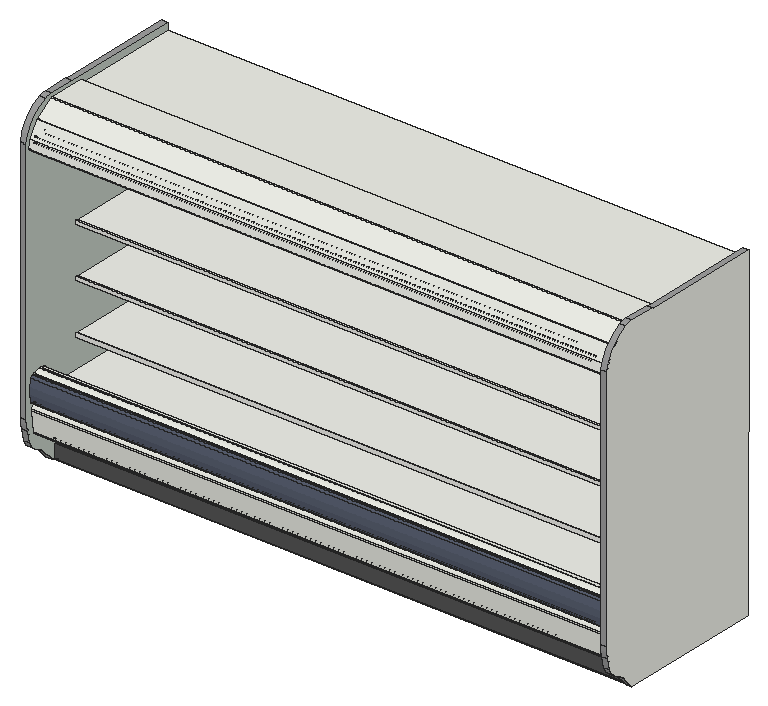
Revit family "ID5SM-R_2014", category Specialty Equipment, Revit 2014
Parameters (values of type "12'-0" Length")
  Width = 144 3/8"
  Waste Drain = 1 1/4"  # constant formula
  URL = "www.hussmann.com"
  Type Comments = "Insight"  # constant formula
  Trim = Stainless Steel
  Total Weight = Case Weight + (2 * End Weight)  # 1950.00 lbf
  Supports = yes
  Splashguard = Textured Sheet Metal (Steel Painted) - 701 Black
  Side Panel - Right [instance] = yes
  Side Panel - Left [instance] = yes
  Shelves = Sheet Metal (Steel Painted) - 700 Interior White
  Shelf Lights [instance] = yes
  Revit Family Date = "06/16/2017"  # constant formula
  Refrigeration Lines Suction = 7/8"  # constant formula
  Refrigeration Lines Liquid = 3/8"  # constant formula
  Refrig. Suction = ""
  Refrig. Liquid = ""
  Number of Supports = if(Width < 90", 2, if(Width < 140", 3, 4))  # 4
  Number of Shelves = 4  # constant formula
  Note from Manufacturer = "This model only comes in 4'-0\", 6'-0\", 8'-0\", and 12'-0\" lengths."
  Model URL = "http://www.hussmann.com/en/product%20viewer/display-cases/ID5SL-R,%20ID5SM-R"
  Model = "ID5SM-R"  # constant formula
  Manufacturer Disclaimer = "The information in this file is not intended to be an exact representation of the corresponding Hussmann product.  Further, we reserve the right to change or revise specifications and product design in connection with any feature of our products. Such changes do not entitle the buyer to corresponding changes, improvements, additions, or replacements for equipment previously sold or shipped."  # constant formula
  Manufacturer = "Hussmann Corporation"  # constant formula
  Height = 84 5/8"  # constant formula
  Glazing = Glass
  Ends = Textured Sheet Metal (Steel Painted) - 149 White Satin Matte
  End Weight = 100.00 lbf  # constant formula
  Description = "Dairy, 5-Deck, Standard Front-to-Back Depth, Medium Front, Rear Sliding Doors​"  # constant formula
  Depth = 43 5/8"  # constant formula
  Cutsheet URL = "http://www.hussmann.com/en/Technical%20Documents/3008889_E_ID5SM-R.pdf"
  Close Off Panel = Textured Sheet Metal (Steel Painted) - 701 Black
  Case Weight = if(Width = 48 1/8", 650.00 lbf, if(Width = 72 1/4", 1050.00 lbf, if(Width = 96 1/4", 1300.00 lbf, if(Width = 144 3/8", 1750.00 lbf, 0.00 lbf))))  # 1750.00 lbf
  Case Interior - Side Panel = Mirror
  Case Interior - Back Panel = Sheet Metal (Steel Painted) - 700 Interior White
  Case = Textured Sheet Metal (Steel Painted) - 149 White Satin Matte
  Bumper = Extruded PVC - 739 Royal Blue
  Assembly Code = ""
  Accessories/Options = ""
  8 Case = Width = 96 1/4"  # no
  6 Case = Width = 72 1/4"  # no
  4 Case = Width = 48 1/4"  # no
  12 Case = Width = 144 3/8"  # yes
Reference planes (in)
  plane 1 "Back": y = 0
  plane 2 "Bottom": z = 0
  plane 3 "Left": x = -76.43199
  plane 4 "Center (Left/Right)": x = -4.24449
  plane 5: x = -77.93199
  plane 6 "Right": x = 67.94301
  plane 7 "Front": y = -43.625
  plane 8: x = 69.44301
  plane 9 "Top": z = 84.625
  plane 10: z = 64
  plane 11: z = 26
Forms (in)
  Extrusion 1, solid, material "Metal - Copper"
    sketch origin (59.45919, 5.54698, -0.375) x (1, 0, 0) y (0, 1, 0)
      loop
        circle (-0.10869, -34.28498) r 0.41359
      loop
        arc (-0.10869, -33.84748) -> (-0.41805, -34.59434) -> (0.32881, -34.28498) r 0.4375
        arc (0.32881, -34.28498) -> (0.20067, -33.97562) -> (-0.10869, -33.84748) r 0.4375
    from 6.21181 to 0.375
  Extrusion 2, solid, material "Metal - Copper"
    sketch origin (59.43201, 5.54735, -0.375) x (1, 0, 0) y (0, 1, 0)
      loop
        circle (0.30443, -34.28498) r 0.17188
      loop
        circle (0.30443, -34.28498) r 0.1875
    from 6.21181 to 0.375
  Extrusion 3, solid, material "Metal - Copper"
    sketch origin (12.3125, -1.83181, 0) x (1, 0, 0) y (0, 1, 0)
      loop
        arc (-16.55699, -31.0447) -> (-16.99893, -31.22776) -> (-17.18199, -31.6697) r 0.625
        arc (-17.18199, -31.6697) -> (-16.99893, -32.11164) -> (-16.55699, -32.2947) r 0.625
        arc (-16.55699, -32.2947) -> (-16.11504, -32.11164) -> (-15.93199, -31.6697) r 0.625
        arc (-15.93199, -31.6697) -> (-16.11504, -31.22776) -> (-16.55699, -31.0447) r 0.625
      loop
        circle (-16.55699, -31.6697) r 0.5852
    from 5.83681 to 0
  Extrusion 4, solid, material "Textured Sheet Metal (Steel Painted) - 149 White Satin Matte" <- "Case"
    sketch origin (-76.43199, -0.00002, -1.93905) x (0, 1, 0) y (0, 0, 1)
      loop
        arc (-41.20096, 81.42866) -> (-41.14629, 81.48342) -> (-41.07304, 81.50835) r 0.17034
        arc (-41.07304, 81.50835) -> (-41.04113, 81.50929) -> (-41.0094, 81.50579) r 0.22973
        arc (-41.0094, 81.50579) -> (-41.0025, 81.52418) -> (-40.98874, 81.53818) r 0.04731
        line (-40.98874, 81.53818) -> (-36.69337, 84.38291)
        arc (-36.69337, 84.38291) -> (-36.56329, 84.44394) -> (-36.42115, 84.46488) r 0.49301
        line (-36.42115, 84.46488) -> (-27.57384, 84.46488) -> (-27.57384, 83.45804) -> (0, 83.45804) -> (0, 12.20311) -> (-8.95243, 7.77585) -> (-35.13653, 7.77585) -> (-36.13077, 8.30845) -> (-36.21789, 8.14582)
        arc (-36.21789, 8.14582) -> (-36.2459, 8.12287) -> (-36.28193, 8.12645) r 0.04731
        line (-36.28193, 8.12645) -> (-42.10577, 11.24617)
        arc (-42.10577, 11.24617) -> (-42.17964, 11.30351) -> (-42.2304, 11.38205) r 0.27895
        line (-42.2304, 11.38205) -> (-42.85486, 16.49792)
        arc (-42.85486, 16.49792) -> (-42.86892, 16.72616) -> (-42.83522, 16.95235) r 1.09394
        arc (-42.83522, 16.95235) -> (-42.61332, 17.44483) -> (-42.23845, 17.83375) r 1.57952
        arc (-42.23845, 17.83375) -> (-42.1891, 17.83779) -> (-42.16316, 17.79561) r 0.04731
        line (-42.16316, 17.79561) -> (-42.16316, 17.48117)
        spline (-42.16316, 17.48117) -> (-42.15738, 17.48357) -> (-42.15188, 17.48655) -> (-42.14671, 17.49007) -> (-42.14193, 17.4941) -> (-42.13759, 17.4986) -> (-42.13373, 17.50353) -> (-42.13039, 17.50882) -> (-42.12761, 17.51442) -> (-42.12542, 17.52028) -> (-42.12384, 17.52634) -> (-42.12288, 17.53252) -> (-42.12256, 17.53877)
        line (-42.12256, 17.53877) -> (-42.12256, 18.1279)
        spline (-42.12256, 18.1279) -> (-42.12374, 18.13983) -> (-42.12721, 18.15129) -> (-42.13286, 18.16186) -> (-42.14046, 18.17112) -> (-42.14972, 18.17872) -> (-42.16028, 18.18437) -> (-42.17175, 18.18785) -> (-42.18367, 18.18902) -> (-42.19559, 18.18784) -> (-42.20706, 18.18437) -> (-42.21762, 18.17872) -> (-42.22689, 18.17112)
        line (-42.22689, 18.17112) -> (-42.30597, 18.09203)
        arc (-42.30597, 18.09203) -> (-42.34298, 18.07213) -> (-42.38481, 18.07595) r 0.07294
        line (-42.38481, 18.07595) -> (-42.02516, 18.52008) -> (-42.02516, 24.19363) -> (-42.20901, 24.60726)
        arc (-42.20901, 24.60726) -> (-42.21198, 24.64697) -> (-42.18908, 24.67954) r 0.05908
        arc (-42.18908, 24.67954) -> (-41.25628, 25.05226) -> (-40.25313, 25.1045) r 3.07519
        arc (-40.25313, 25.1045) -> (-40.22186, 25.08837) -> (-40.20931, 25.05551) r 0.04929
        arc (-40.20931, 25.05551) -> (-40.177, 25.09405) -> (-40.12796, 25.10519) r 0.07875
        line (-40.12796, 25.10519) -> (-39.22675, 24.97238)
        arc (-39.22675, 24.97238) -> (-39.20555, 24.96575) -> (-39.18745, 24.95289) r 0.07098
        line (-39.18745, 24.95289) -> (-38.27159, 24.05656)
        arc (-38.27159, 24.05656) -> (-38.25834, 24.03874) -> (-38.25125, 24.01769) r 0.07098
        line (-38.25125, 24.01769) -> (-38.09541, 23.09801) -> (-38.09541, 16.01203) -> (-37.98236, 16.02192) -> (-37.98645, 16.05398) -> (-37.03501, 16.17544)
        arc (-37.03501, 16.17544) -> (-36.88126, 16.25704) -> (-36.81979, 16.41989) r 0.24643
        line (-36.81979, 16.41989) -> (-36.81979, 16.49564) -> (-36.81979, 16.58763)
        arc (-36.81979, 16.58763) -> (-36.77921, 16.69511) -> (-36.67774, 16.74896) r 0.16264
        line (-36.67774, 16.74896) -> (-25.30595, 18.20068)
        arc (-25.30595, 18.20068) -> (-24.40068, 18.28715) -> (-23.49174, 18.31601) r 14.32663
        line (-23.49174, 18.31601) -> (-20.09035, 18.31601)
        arc (-20.09035, 18.31601) -> (-20.00082, 18.34287) -> (-19.94086, 18.41458) r 0.16264
        arc (-19.94086, 18.41458) -> (-19.8809, 18.48629) -> (-19.79137, 18.51315) r 0.16264
        line (-19.79137, 18.51315) -> (-8.37558, 18.51315)
        arc (-8.37558, 18.51315) -> (-8.28845, 18.47707) -> (-8.25236, 18.38994) r 0.12321
        line (-8.25236, 18.38994) -> (-8.25236, 17.91359)
        arc (-8.25236, 17.91359) -> (-8.18019, 17.73934) -> (-8.00593, 17.66716) r 0.24643
        line (-8.00593, 17.66716) -> (-7.6516, 17.66716) -> (-7.7595, 78.19364) -> (-32.09358, 78.406) -> (-32.11975, 77.86899) -> (-32.12441, 77.33475)
        arc (-32.12441, 77.33475) -> (-32.13561, 77.30836) -> (-32.16219, 77.29762) r 0.03745
        line (-32.16219, 77.29762) -> (-32.19322, 77.29762) -> (-32.19322, 77.23713) -> (-37.38596, 77.23713)
        arc (-37.38596, 77.23713) -> (-37.36097, 77.21214) -> (-37.38596, 77.18714) r 0.02499
        line (-37.38596, 77.18714) -> (-37.75609, 77.18714) -> (-37.75609, 76.93921) -> (-37.40729, 76.93921)
        arc (-37.40729, 76.93921) -> (-37.38302, 76.96747) -> (-37.3573, 76.94053) r 0.02512
        arc (-37.3573, 76.94053) -> (-37.37118, 76.90702) -> (-37.40469, 76.89314) r 0.04739
        line (-37.40469, 76.89314) -> (-38.04189, 76.89314)
        arc (-38.04189, 76.89314) -> (-38.21449, 76.92441) -> (-38.36515, 77.01425) r 0.49198
        line (-38.36515, 77.01425) -> (-38.47354, 77.10006) -> (-38.47354, 77.39372)
        arc (-38.47354, 77.39372) -> (-38.45451, 77.43967) -> (-38.40856, 77.4587) r 0.06498
        line (-38.40856, 77.4587) -> (-38.18801, 77.4587) -> (-38.18801, 77.55702) -> (-38.84431, 77.55702) -> (-38.84431, 77.47915) -> (-38.95669, 77.47915) -> (-38.95669, 77.23568) -> (-39.27113, 77.23568) -> (-39.27113, 77.47915) -> (-39.3835, 77.47915) -> (-39.3835, 77.55702) -> (-39.6664, 77.55702) -> (-39.6664, 76.35644) -> (-40.83447, 76.35644) -> (-40.83447, 77.55702) -> (-41.78953, 77.55702) -> (-41.78953, 76.75756) -> (-41.76036, 76.7284) -> (-41.76036, 76.35351)
        arc (-41.76036, 76.35351) -> (-41.78945, 76.32443) -> (-41.81853, 76.35351) r 0.02909
        line (-41.81853, 76.35351) -> (-41.81853, 77.54202)
        arc (-41.81853, 77.54202) -> (-41.80565, 77.57314) -> (-41.77453, 77.58603) r 0.044
        line (-41.77453, 77.58603) -> (-38.22621, 77.58603) -> (-38.22621, 77.74961) -> (-38.2406, 77.71875)
        arc (-38.2406, 77.71875) -> (-38.27669, 77.63162) -> (-38.36382, 77.59553) r 0.12321
        line (-38.36382, 77.59553) -> (-38.91856, 77.59553)
        arc (-38.91856, 77.59553) -> (-39.00492, 77.63238) -> (-39.04069, 77.71875) r 0.12214
        line (-39.04069, 77.71875) -> (-39.04177, 77.93066)
        arc (-39.04177, 77.93066) -> (-39.07837, 78.01903) -> (-39.16673, 78.05563) r 0.12496
        line (-39.16673, 78.05563) -> (-39.73639, 78.05563) -> (-41.27611, 78.05563) -> (-41.27611, 77.68646) -> (-41.7065, 77.68646)
        spline (-41.7065, 77.68646) -> (-41.71465, 77.687) -> (-41.72267, 77.68859) -> (-41.73041, 77.69122) -> (-41.73773, 77.69483) -> (-41.74453, 77.69937) -> (-41.75067, 77.70476) -> (-41.75606, 77.7109) -> (-41.7606, 77.7177) -> (-41.76421, 77.72503) -> (-41.76684, 77.73277) -> (-41.76843, 77.74078) -> (-41.76897, 77.74894)
        line (-41.76897, 77.74894) -> (-41.76897, 77.99315)
        spline (-41.76897, 77.99315) -> (-41.7695, 78.00131) -> (-41.7711, 78.00932) -> (-41.77372, 78.01706) -> (-41.77734, 78.02439) -> (-41.78188, 78.03119) -> (-41.78727, 78.03733) -> (-41.79341, 78.04272) -> (-41.8002, 78.04726) -> (-41.80753, 78.05087) -> (-41.81527, 78.0535) -> (-41.82329, 78.05509) -> (-41.83144, 78.05563)
        line (-41.83144, 78.05563) -> (-42.07673, 78.05563)
        arc (-42.07673, 78.05563) -> (-42.12056, 78.03747) -> (-42.13871, 77.99365) r 0.06198
        line (-42.13871, 77.99365) -> (-42.13871, 77.73169)
        arc (-42.13871, 77.73169) -> (-42.14949, 77.64086) -> (-42.18123, 77.55508) r 0.38808
        line (-42.18123, 77.55508) -> (-42.36404, 76.76971)
        arc (-42.36404, 76.76971) -> (-42.40689, 76.65463) -> (-42.47744, 76.55411) r 0.48189
        line (-42.47744, 76.55411) -> (-42.5691, 76.45369)
        arc (-42.5691, 76.45369) -> (-42.57742, 76.41899) -> (-42.56708, 76.38484) r 0.06818
        arc (-42.56708, 76.38484) -> (-42.52287, 76.22064) -> (-42.48586, 76.05466) r 3.89985
        arc (-42.48586, 76.05466) -> (-42.53338, 75.8123) -> (-42.67591, 75.6106) r 0.59024
        line (-42.67591, 75.6106) -> (-42.81054, 75.48681)
        arc (-42.81054, 75.48681) -> (-42.84918, 75.46271) -> (-42.89393, 75.4543) r 0.12321
        line (-42.89393, 75.4543) -> (-43.29039, 75.4543)
        arc (-43.29039, 75.4543) -> (-43.34099, 75.46517) -> (-43.38266, 75.49586) r 0.12321
        line (-43.38266, 75.49586) -> (-43.75436, 75.91595)
        arc (-43.75436, 75.91595) -> (-43.78138, 75.96676) -> (-43.78237, 76.02429) r 0.12321
        line (-43.78237, 76.02429) -> (-43.34988, 77.97356) -> (-41.20438, 81.43079)
    from 0 to 144.375
  Extrusion 5, solid, material "Sheet Metal (Steel Painted) - 700 Interior White" <- "Shelves"
    sketch origin (-76.43199, -0.15071, -1.12471) x (0, 1, 0) y (0, 0, 1)
      loop
        line (-9.92671, 18.92956) -> (-36.18342, 18.92956) -> (-36.18342, 18.44336) -> (-36.58855, 18.44336)
        arc (-36.58855, 18.44336) -> (-36.68709, 18.43039) -> (-36.77891, 18.39235) r 0.38073
        line (-36.77891, 18.39235) -> (-36.9227, 18.30933) -> (-36.9227, 17.9229) -> (-36.87738, 17.9229) -> (-36.59482, 18.08604) -> (-35.1977, 18.08604) -> (-35.1977, 18.31349) -> (-9.92671, 18.31349) -> (-9.92671, 18.45839) -> (-9.29487, 18.45839) -> (-9.29487, 18.10058) -> (-8.37899, 18.10058) -> (-8.09557, 17.93695) -> (-8.04893, 17.93695) -> (-8.04893, 18.32675) -> (-8.18693, 18.40643)
        arc (-8.18693, 18.40643) -> (-8.27869, 18.44444) -> (-8.37717, 18.4574) r 0.38049
        line (-8.37717, 18.4574) -> (-8.95578, 18.45839)
        arc (-8.95578, 18.45839) -> (-8.84043, 18.50617) -> (-8.79265, 18.62153) r 0.16314
        arc (-8.79265, 18.62153) -> (-8.81078, 18.69628) -> (-8.86115, 18.75441) r 0.16314
        line (-8.86115, 18.75441) -> (-9.08306, 18.88253) -> (-9.92671, 18.88253) -> (-9.92671, 18.92956)
    from 0 to 144.375
  Extrusion 6, solid, material "Textured Sheet Metal (Steel Painted) - 149 White Satin Matte" <- "Ends", visible <- "Side Panel - Right"
    sketch origin (67.91176, -0.00002, -0.14287) x (0, 0, 1) y (0, -1, 0)
      loop
        line (0.9182, -0.29379) -> (83.22523, -0.29379) -> (83.22523, 29.84744) -> (83.41521, 29.84744) -> (83.41521, 36.23318)
        arc (83.41521, 36.23318) -> (83.29626, 37.22334) -> (82.94619, 38.15716) r 4.18076
        arc (82.94619, 38.15716) -> (79.89937, 42.15161) -> (75.35348, 44.29023) r 10.57941
        line (75.35348, 44.29023) -> (13.32496, 44.29023)
        arc (13.32496, 44.29023) -> (11.92241, 44.19744) -> (10.5443, 43.92069) r 10.64651
        line (10.5443, 43.92069) -> (7.62539, 43.13444)
        arc (7.62539, 43.13444) -> (6.45628, 42.54758) -> (5.61719, 41.54402) r 3.21929
        line (5.61719, 41.54402) -> (4.73197, 39.89149)
        arc (4.73197, 39.89149) -> (4.47503, 39.49686) -> (4.15478, 39.15161) r 2.76188
        line (4.15478, 39.15161) -> (0.92074, 36.21287) -> (1.04852, 36.07226) -> (0.9182, 35.95384) -> (0.9182, 31.82278) -> (0.9182, -0.29379)
    from 0.03125 to 1.53125
  Extrusion 7, solid, material "Textured Sheet Metal (Steel Painted) - 149 White Satin Matte" <- "Ends", visible <- "Side Panel - Left"
    sketch origin (-77.30699, -0.00002, -0.14287) x (0, 1, 0) y (0, 0, 1)
      loop
        line (-39.15161, 4.15478) -> (-36.21287, 0.92074) -> (-36.07226, 1.04852) -> (-35.95384, 0.9182) -> (-31.82278, 0.9182) -> (0.29379, 0.9182) -> (0.29379, 83.22523) -> (-29.84744, 83.22523) -> (-29.84744, 83.41521) -> (-36.23318, 83.41521)
        arc (-36.23318, 83.41521) -> (-37.22334, 83.29626) -> (-38.15716, 82.94619) r 4.18076
        arc (-38.15716, 82.94619) -> (-42.15161, 79.89937) -> (-44.29023, 75.35348) r 10.57941
        line (-44.29023, 75.35348) -> (-44.29023, 13.32496)
        arc (-44.29023, 13.32496) -> (-44.19744, 11.92241) -> (-43.92069, 10.5443) r 10.64651
        line (-43.92069, 10.5443) -> (-43.13444, 7.62539)
        arc (-43.13444, 7.62539) -> (-42.54758, 6.45628) -> (-41.54402, 5.61719) r 3.21929
        line (-41.54402, 5.61719) -> (-39.89149, 4.73197)
        arc (-39.89149, 4.73197) -> (-39.49686, 4.47503) -> (-39.15161, 4.15478) r 2.76188
    from -0.625 to 0.875
  Extrusion 8, solid, material "Extruded PVC - 739 Royal Blue" <- "Bumper"
    sketch origin (-76.43199, 0, 0) x (0, 1, 0) y (0, 0, 1)
      loop
        arc (-43.07342, 22.14621) -> (-43.5089, 19.36628) -> (-43.07342, 16.58635) r 9.09066
        arc (-43.07342, 16.58635) -> (-42.84108, 16.29751) -> (-42.5171, 16.11737) r 0.96652
        arc (-42.5171, 16.11737) -> (-42.44836, 16.10947) -> (-42.38483, 16.1369) r 0.13406
        line (-42.38483, 16.1369) -> (-42.02518, 16.58104) -> (-42.02518, 22.25458) -> (-42.20903, 22.66821) -> (-42.25506, 22.66821)
        arc (-42.25506, 22.66821) -> (-42.41767, 22.6434) -> (-42.57469, 22.59442) r 1.09071
        arc (-42.57469, 22.59442) -> (-42.86417, 22.41495) -> (-43.07342, 22.14621) r 0.96652
    from 0 to 144.375
  Extrusion 9, solid, material "Textured Sheet Metal (Steel Painted) - 701 Black" <- "Splashguard"
    sketch origin (-76.43199, 0, 0) x (0, 1, 0) y (0, 0, 1)
      loop
        arc (-35.00322, 4.37291) -> (-35.03051, 4.41742) -> (-35.08256, 4.41326) r 0.04993
        line (-35.08256, 4.41326) -> (-35.47102, 4.13008)
        arc (-35.47102, 4.13008) -> (-35.48612, 4.11236) -> (-35.49154, 4.08973) r 0.04993
        line (-35.49154, 4.08973) -> (-35.49154, 0.45384)
        arc (-35.49154, 0.45384) -> (-35.46658, 0.41059) -> (-35.41665, 0.41059) r 0.04993
        line (-35.41665, 0.41059) -> (-35.34175, 0.45384) -> (-35.14359, 0.45384)
        arc (-35.14359, 0.45384) -> (-35.064, 0.40477) -> (-35.00322, 0.47581) r 0.07191
        line (-35.00322, 0.47581) -> (-35.00322, 2.60181) -> (-34.96826, 2.60181) -> (-34.96826, 4.93389)
        arc (-34.96826, 4.93389) -> (-34.97495, 4.95886) -> (-34.99323, 4.97713) r 0.04993
        line (-34.99323, 4.97713) -> (-35.9948, 5.55539) -> (-35.9948, 6.22125) -> (-36.02975, 6.22125) -> (-36.02975, 5.56404)
        arc (-36.02975, 5.56404) -> (-36.02307, 5.53907) -> (-36.00479, 5.5208) r 0.04993
        line (-36.00479, 5.5208) -> (-35.00322, 4.94254) -> (-35.00322, 4.37291)
    from 0 to 144.375
Lines and regions (in)
  reference lines
    curve 1: line (-75.18199, -45.03498, 0) -> (-75.18199, 0, 0)
    curve 2: line (59.85049, -47.65998, 0) -> (59.85049, 0, 0)
    curve 3: line (66.69301, -45.03498, 0) -> (66.69301, 0, 0)
    curve 4: line (59.35049, -47.65998, 0) -> (59.35049, 0, 0)
    curve 5: line (-76.43199, -33.50152, 0) -> (68.06801, -33.50152, 0)
    curve 6: line (68.06801, -28.71552, 0) -> (-76.43199, -28.71552, 0)
    curve 7: line (-4.24449, -47.65998, 0) -> (-4.24449, 0, 0)
Dimensions and locks (in)
  equal spacing: plane 3 "Left", plane 4 "Center (Left/Right)", plane 6 "Right"
  locked: plane 5 to plane 3 "Left" at 1.5
  "Width": plane 3 "Left" to plane 6 "Right"
  locked: Extrusion 2 sketch curve to Extrusion 2 sketch curve at 0.01562
  locked: Extrusion 1 sketch curve to Extrusion 1 sketch curve at 0.02391
  plane 3 "Left" to curve 1 = 1 1/4"
  curve 3 to plane 6 "Right" = 1 1/4"
  locked: Extrusion 3 sketch curve to Extrusion 3 sketch curve at 0.0398
  plane 4 "Center (Left/Right)" to curve 7 = 0"
  equal spacing: group 1, group 3, group 4, group 2  (x3)
  equal spacing: group 5, group 7, group 8, group 6  (x3)
  "Depth": plane 7 "Front" to plane 1 "Back"
  locked: plane 6 "Right" to plane 8 at 1.5
  "Height": plane 9 "Top" to level
  plane 10 to plane 11 to level = 38", 26"
  "Refrigeration Lines Liquid": diameter of Extrusion 2 sketch curve
  "Refrigeration Lines Suction": diameter of Extrusion 1 sketch curve
  "Waste Drain": diameter of Extrusion 3 sketch curve
  aligned and locked: Extrusion 1 to level
  aligned and locked: Extrusion 2 to level
  aligned and locked: curve 5 to Extrusion 3 sketch curve
  aligned and locked: curve 7 to Extrusion 3 sketch curve
  aligned and locked: curve 4 to Extrusion 1 sketch curve
  aligned and locked: Extrusion 6 to plane 6 "Right"
  aligned and locked: plane 6 "Right" to Extrusion 4
  aligned and locked: plane 6 "Right" to Extrusion 5
  aligned and locked: plane 3 "Left" to nested 5  (x2)
  aligned and locked: plane 3 "Left" to nested 4
  aligned and locked: nested 5 to plane 3 "Left"
  aligned and locked: plane 3 "Left" to nested 6
  aligned and locked: plane 3 "Left" to nested 11
  aligned and locked: plane 8 to Extrusion 6
  aligned and locked: nested 7 to plane 10
  aligned and locked: nested 5 to plane 11
  aligned and locked: nested 7 to nested 11
  aligned and locked: nested 5 to nested 6
  aligned and locked: Extrusion 8 to plane 3 "Left"
  aligned and locked: plane 6 "Right" to Extrusion 8
  aligned and locked: Extrusion 9 to plane 3 "Left"
  aligned and locked: plane 6 "Right" to Extrusion 9
Automatic sketch dimensions
  curve 5 to plane 3 "Left" = 0"
  curve 6 to plane 3 "Left" = 0"
  plane 1 "Back" to curve 4 = 0"
  plane 1 "Back" to curve 2 = 0"
  plane 1 "Back" to curve 3 = 0"
  plane 1 "Back" to curve 1 = 0"
  plane 1 "Back" to curve 7 = 0"
  curve 4 to curve 3 = 7.34252"
  curve 4 to curve 2 = 1/2"
  plane 6 "Right" to curve 6 = 1/8"
  plane 6 "Right" to curve 5 = 1/8"
  curve 3 to curve 5 = 11.53346"
  curve 5 to curve 6 = 4.786"
  Extrusion 6 sketch curve to plane 1 "Back" = 0.29376"
  level to Extrusion 6 sketch curve = 0.77533"
  Extrusion 6 sketch curve to Extrusion 6 sketch curve = 0.00255"
  Extrusion 6 sketch curve to Extrusion 6 sketch curve = 0.13032"
  level to Extrusion 6 sketch curve = 2.15452"
  Extrusion 6 sketch curve to Extrusion 6 sketch curve = 1.85739"
  Extrusion 6 sketch curve to Extrusion 6 sketch curve = 0.57718"
  Extrusion 6 sketch curve to Extrusion 6 sketch curve = 0.88522"
  Extrusion 6 sketch curve to Extrusion 6 sketch curve = 2.0082"
  Extrusion 6 sketch curve to Extrusion 6 sketch curve = 2.83778"
  Extrusion 6 sketch curve to Extrusion 6 sketch curve = 2.91891"
  Extrusion 6 sketch curve to Extrusion 6 sketch curve = 4.86999"
  Extrusion 6 sketch curve to Extrusion 6 sketch curve = 2.78066"
  Extrusion 6 sketch curve to Extrusion 6 sketch curve = 2.10187"
  Extrusion 6 sketch curve to Extrusion 6 sketch curve = 5.98284"
  Extrusion 6 sketch curve to Extrusion 6 sketch curve = 3.99078"
  Extrusion 6 sketch curve to Extrusion 6 sketch curve = 4.18076"
  Extrusion 6 sketch curve to Extrusion 6 sketch curve = 14.44279"
  Extrusion 6 sketch curve to Extrusion 6 sketch curve = 11.31166"
  Extrusion 6 sketch curve to Extrusion 6 sketch curve = 10.27697"
  Extrusion 6 sketch curve to Extrusion 6 sketch curve = 10.36852"
  Extrusion 6 sketch curve to Extrusion 6 sketch curve = 4.13106"
  Extrusion 6 sketch curve to Extrusion 6 sketch curve = 0.11842"
  Extrusion 6 sketch curve to Extrusion 6 sketch curve = 9/64"
  Extrusion 6 sketch curve to Extrusion 6 sketch curve = 6.38574"
  Extrusion 6 sketch curve to Extrusion 6 sketch curve = 0.73988"
  Extrusion 6 sketch curve to Extrusion 6 sketch curve = 3.11056"
  level to Extrusion 7 sketch curve = 4.5891"
  level to Extrusion 7 sketch curve = 4.01191"
  Extrusion 7 sketch curve to Extrusion 7 sketch curve = 0.73988"
  level to Extrusion 7 sketch curve = 0.77787"
  level to Extrusion 7 sketch curve = 0.90565"
  level to Extrusion 7 sketch curve = 0.77533"
  Extrusion 7 sketch curve to Extrusion 7 sketch curve = 0.11842"
  Extrusion 7 sketch curve to plane 1 "Back" = 0.29376"
  Extrusion 7 sketch curve to Extrusion 7 sketch curve = 2.93874"
  Extrusion 7 sketch curve to Extrusion 7 sketch curve = 4.13106"
  level to Extrusion 7 sketch curve = 2.15452"
  Extrusion 7 sketch curve to Extrusion 7 sketch curve = 1.65253"
  Extrusion 7 sketch curve to Extrusion 7 sketch curve = 0.88522"
  Extrusion 7 sketch curve to Extrusion 7 sketch curve = 0.18998"
  Extrusion 7 sketch curve to Extrusion 7 sketch curve = 6.38574"
  Extrusion 7 sketch curve to Extrusion 7 sketch curve = 4.18076"
  Extrusion 7 sketch curve to Extrusion 7 sketch curve = 1.92398"
  Extrusion 7 sketch curve to Extrusion 7 sketch curve = 2.31147"
  Extrusion 7 sketch curve to Extrusion 7 sketch curve = 5.98284"
  Extrusion 7 sketch curve to Extrusion 7 sketch curve = 7.70777"
  Extrusion 7 sketch curve to Extrusion 7 sketch curve = 6.24777"
  Extrusion 7 sketch curve to Extrusion 7 sketch curve = 8.59299"
  Extrusion 7 sketch curve to Extrusion 7 sketch curve = 0.36954"
  Extrusion 7 sketch curve to Extrusion 7 sketch curve = 1.59042"
  Extrusion 7 sketch curve to Extrusion 7 sketch curve = 2.0082"
  Extrusion 7 sketch curve to Extrusion 7 sketch curve = 1.52014"
  Extrusion 5 sketch curve to Extrusion 5 sketch curve = 0.04532"
  Extrusion 5 sketch curve to Extrusion 5 sketch curve = 0.14379"
  Extrusion 5 sketch curve to Extrusion 5 sketch curve = 0.28256"
  Extrusion 5 sketch curve to Extrusion 5 sketch curve = 0.00627"
  Extrusion 5 sketch curve to Extrusion 5 sketch curve = 0.40513"
  Extrusion 5 sketch curve to Extrusion 5 sketch curve = 0.98571"
  Extrusion 5 sketch curve to Extrusion 5 sketch curve = 0"  (x6)
  Extrusion 5 sketch curve to Extrusion 5 sketch curve = 0.63184"
  Extrusion 5 sketch curve to Extrusion 5 sketch curve = 0.21181"
  Extrusion 5 sketch curve to Extrusion 5 sketch curve = 0.12728"
  Extrusion 5 sketch curve to Extrusion 5 sketch curve = 0.09463"
  Extrusion 5 sketch curve to Extrusion 5 sketch curve = 0.5768"
  Extrusion 5 sketch curve to Extrusion 5 sketch curve = 0.00182"
  Extrusion 5 sketch curve to Extrusion 5 sketch curve = 0.19024"
  Extrusion 5 sketch curve to Extrusion 5 sketch curve = 0.138"
  Extrusion 5 sketch curve to Extrusion 5 sketch curve = 0.13972"
  Extrusion 5 sketch curve to Extrusion 5 sketch curve = 0.13997"
  Extrusion 5 sketch curve to Extrusion 5 sketch curve = 0.02341"
  Extrusion 5 sketch curve to Extrusion 5 sketch curve = 0.02366"
  Extrusion 5 sketch curve to Extrusion 5 sketch curve = 0.38643"
  Extrusion 5 sketch curve to Extrusion 5 sketch curve = 0.22745"
  Extrusion 5 sketch curve to Extrusion 5 sketch curve = 0.38981"
  Extrusion 5 sketch curve to Extrusion 5 sketch curve = 0.08302"
  Extrusion 5 sketch curve to Extrusion 5 sketch curve = 0.07967"
  Extrusion 5 sketch curve to Extrusion 5 sketch curve = 0.35781"
  Extrusion 5 sketch curve to Extrusion 5 sketch curve = 0.16314"
  Extrusion 5 sketch curve to Extrusion 5 sketch curve = 0.13288"
  Extrusion 5 sketch curve to Extrusion 5 sketch curve = 0.12812"
  Extrusion 5 sketch curve to Extrusion 5 sketch curve = 0.4862"
  Extrusion 5 sketch curve to Extrusion 5 sketch curve = 0.00099"
  Extrusion 6 sketch curve to Extrusion 6 sketch curve = 59.92665"
  Extrusion 7 sketch curve to Extrusion 7 sketch curve = 59.92665"
  plane 1 "Back" to curve 6 = 28.71552"
  curve 1 to curve 5 = 11.53346"
  curve 2 to curve 3 = 2 5/8"
  curve 7 to curve 7 = 47.65998"
  curve 4 to curve 2 = 0"
  plane 1 "Back" to Extrusion 5 sketch curve = 37.07342"
  plane 1 "Back" to Extrusion 6 sketch curve = 29.84746"
  plane 1 "Back" to Extrusion 6 sketch curve = 31.8228"
  Extrusion 6 sketch curve to Extrusion 6 sketch curve = 6.38016"
  plane 1 "Back" to Extrusion 7 sketch curve = 29.84746"
  plane 1 "Back" to Extrusion 7 sketch curve = 31.8228"
  level to Extrusion 7 sketch curve = 10.40143"
  Extrusion 7 sketch curve to Extrusion 7 sketch curve = 8.05705"
  plane 7 "Front" to Extrusion 4 sketch curve = 2.68487"
  plane 7 "Front" to Extrusion 4 sketch curve = 0.15739"
  Extrusion 4 sketch curve to Extrusion 4 sketch curve = 0.02801"
  plane 7 "Front" to Extrusion 4 sketch curve = 0.03711"
  Extrusion 4 sketch curve to plane 7 "Front" = 0.24232"
  Extrusion 4 sketch curve to plane 7 "Front" = 0.2751"
  Extrusion 4 sketch curve to Extrusion 4 sketch curve = 0.09228"  (x2)
  Extrusion 4 sketch curve to Extrusion 4 sketch curve = 0.21437"
  Extrusion 4 sketch curve to Extrusion 4 sketch curve = 0.39645"
  Extrusion 4 sketch curve to Extrusion 4 sketch curve = 0"  (x8)
  Extrusion 4 sketch curve to plane 7 "Front" = 0.77012"
  Extrusion 4 sketch curve to plane 7 "Front" = 0.7916"
  Extrusion 4 sketch curve to Extrusion 4 sketch curve = 0.0834"
  Extrusion 4 sketch curve to Extrusion 4 sketch curve = 0.13463"
  Extrusion 4 sketch curve to Extrusion 4 sketch curve = 0.26429"
  Extrusion 4 sketch curve to Extrusion 4 sketch curve = 0.82309"
  Extrusion 4 sketch curve to Extrusion 4 sketch curve = 0.05983"
  Extrusion 4 sketch curve to Extrusion 4 sketch curve = 0.09165"
  Extrusion 4 sketch curve to plane 7 "Front" = 1.24017"
  Extrusion 4 sketch curve to Extrusion 4 sketch curve = 0.11341"
  Extrusion 4 sketch curve to Extrusion 4 sketch curve = 0.02726"
  Extrusion 4 sketch curve to Extrusion 4 sketch curve = 0.05158"  (x2)
  Extrusion 4 sketch curve to plane 7 "Front" = 1.39458"
  Extrusion 4 sketch curve to Extrusion 4 sketch curve = 0.07909"
  Extrusion 4 sketch curve to Extrusion 4 sketch curve = 0.09549"
  Extrusion 4 sketch curve to Extrusion 4 sketch curve = 0.34557"
  Extrusion 4 sketch curve to Extrusion 4 sketch curve = 0.04733"
  Extrusion 4 sketch curve to Extrusion 4 sketch curve = 0.04252"
  Extrusion 4 sketch curve to Extrusion 4 sketch curve = 0.10432"
  Extrusion 4 sketch curve to Extrusion 4 sketch curve = 0.12462"
  Extrusion 4 sketch curve to Extrusion 4 sketch curve = 0.06198"
  Extrusion 4 sketch curve to Extrusion 4 sketch curve = 0.20173"
  Extrusion 4 sketch curve to Extrusion 4 sketch curve = 0.25634"
  Extrusion 4 sketch curve to Extrusion 4 sketch curve = 0.24529"
  Extrusion 4 sketch curve to Extrusion 4 sketch curve = 0.36269"
  Extrusion 4 sketch curve to Extrusion 4 sketch curve = 0.02901"  (x2)
  Extrusion 4 sketch curve to Extrusion 4 sketch curve = 0.02909"
  Extrusion 4 sketch curve to Extrusion 4 sketch curve = 0.38716"
  Extrusion 4 sketch curve to Extrusion 4 sketch curve = 0.015"  (x2)
  Extrusion 4 sketch curve to Extrusion 4 sketch curve = 0.06247"  (x3)
  Extrusion 4 sketch curve to Extrusion 4 sketch curve = 0.47061"
  Extrusion 4 sketch curve to Extrusion 4 sketch curve = 0.49286"
  Extrusion 4 sketch curve to plane 7 "Front" = 2.56876"
  Extrusion 4 sketch curve to Extrusion 4 sketch curve = 0.00586"
  Extrusion 4 sketch curve to Extrusion 4 sketch curve = 0.06748"
  Extrusion 4 sketch curve to Extrusion 4 sketch curve = 0.02612"
  Extrusion 4 sketch curve to Extrusion 4 sketch curve = 0.44164"
  Extrusion 4 sketch curve to Extrusion 4 sketch curve = 1.42821"
  Extrusion 4 sketch curve to Extrusion 4 sketch curve = 1.89642"
  Extrusion 4 sketch curve to Extrusion 4 sketch curve = 0.12265"
  plane 11 to Extrusion 4 sketch curve = 2.83386"
  Extrusion 4 sketch curve to Extrusion 4 sketch curve = 0.00799"
  Extrusion 4 sketch curve to Extrusion 4 sketch curve = 1.09808"
  Extrusion 4 sketch curve to Extrusion 4 sketch curve = 0.06999"
  Extrusion 4 sketch curve to Extrusion 4 sketch curve = 0.2829"
  Extrusion 4 sketch curve to Extrusion 4 sketch curve = 0.11237"  (x2)
  Extrusion 4 sketch curve to Extrusion 4 sketch curve = 0.89886"
  Extrusion 4 sketch curve to Extrusion 4 sketch curve = 0.01035"
  plane 11 to Extrusion 4 sketch curve = 2.98616"
  Extrusion 4 sketch curve to Extrusion 4 sketch curve = 0.0393"
  Extrusion 4 sketch curve to Extrusion 4 sketch curve = 0.21677"
  Extrusion 4 sketch curve to Extrusion 4 sketch curve = 0.12496"
  Extrusion 4 sketch curve to Extrusion 4 sketch curve = 0.08508"
  Extrusion 4 sketch curve to Extrusion 4 sketch curve = 0.12321"  (x4)
  Extrusion 4 sketch curve to Extrusion 4 sketch curve = 0.37077"
  Extrusion 4 sketch curve to Extrusion 4 sketch curve = 0.06498"
  Extrusion 4 sketch curve to Extrusion 4 sketch curve = 0.10839"
  Extrusion 4 sketch curve to Extrusion 4 sketch curve = 0.04474"
  Extrusion 4 sketch curve to Extrusion 4 sketch curve = 0.91586"
  Extrusion 4 sketch curve to Extrusion 4 sketch curve = 0.04965"
  Extrusion 4 sketch curve to Extrusion 4 sketch curve = 0.02034"
  Extrusion 4 sketch curve to Extrusion 4 sketch curve = 0.01439"
  Extrusion 4 sketch curve to Extrusion 4 sketch curve = 0.0382"
  Extrusion 4 sketch curve to Extrusion 4 sketch curve = 0.15584"
  Extrusion 4 sketch curve to Extrusion 4 sketch curve = 0.32327"
  Extrusion 4 sketch curve to Extrusion 4 sketch curve = 0.10895"
  Extrusion 4 sketch curve to Extrusion 4 sketch curve = 0.00409"
  Extrusion 4 sketch curve to Extrusion 4 sketch curve = 0.2858"
  Extrusion 4 sketch curve to Extrusion 4 sketch curve = 0.3488"
  Extrusion 4 sketch curve to Extrusion 4 sketch curve = 0.00259"
  Extrusion 4 sketch curve to Extrusion 4 sketch curve = 0.01873"
  Extrusion 4 sketch curve to Extrusion 4 sketch curve = 0.02233"
  Extrusion 4 sketch curve to Extrusion 4 sketch curve = 0.92024"
  Extrusion 4 sketch curve to Extrusion 4 sketch curve = 0.03121"
  Extrusion 4 sketch curve to Extrusion 4 sketch curve = 0.24643"  (x2)
  plane 9 "Top" to Extrusion 4 sketch curve = 2.18114"
  Extrusion 4 sketch curve to Extrusion 4 sketch curve = 4.29537"
  Extrusion 4 sketch curve to Extrusion 4 sketch curve = 0.14205"
  Extrusion 4 sketch curve to Extrusion 4 sketch curve = 0.0206"
  Extrusion 4 sketch curve to Extrusion 4 sketch curve = 0.27222"
  Extrusion 4 sketch curve to Extrusion 4 sketch curve = 5.82385"
  Extrusion 4 sketch curve to Extrusion 4 sketch curve = 0.02234"  (x2)
  Extrusion 4 sketch curve to Extrusion 4 sketch curve = 0.0417"
  Extrusion 4 sketch curve to Extrusion 4 sketch curve = 0.08712"
  Extrusion 4 sketch curve to Extrusion 4 sketch curve = 0.99424"
  Extrusion 4 sketch curve to Extrusion 4 sketch curve = 5.19274"
  Extrusion 4 sketch curve to Extrusion 4 sketch curve = 0.03103"
  Extrusion 4 sketch curve to Extrusion 4 sketch curve = 0.00033"
  plane 9 "Top" to Extrusion 4 sketch curve = 9.2293"
  Extrusion 4 sketch curve to Extrusion 4 sketch curve = 0.03745"
  Extrusion 4 sketch curve to Extrusion 4 sketch curve = 0.00466"
  Extrusion 4 sketch curve to Extrusion 4 sketch curve = 0.02617"
  Extrusion 4 sketch curve to Extrusion 4 sketch curve = 4.51974"
  Extrusion 4 sketch curve to Extrusion 4 sketch curve = 11.37179"
  Extrusion 4 sketch curve to Extrusion 4 sketch curve = 1.81421"
  Extrusion 4 sketch curve to Extrusion 4 sketch curve = 3.40139"
  Extrusion 4 sketch curve to Extrusion 4 sketch curve = 0.29898"
  plane 1 "Back" to Extrusion 4 sketch curve = 8.95245"
  plane 1 "Back" to Extrusion 4 sketch curve = 8.3756"
  plane 1 "Back" to Extrusion 4 sketch curve = 7.75952"
  Extrusion 4 sketch curve to Extrusion 4 sketch curve = 0.35434"
  plane 1 "Back" to Extrusion 4 sketch curve = 0.00002"
  Extrusion 4 sketch curve to Extrusion 4 sketch curve = 0.01186"
  Extrusion 4 sketch curve to Extrusion 4 sketch curve = 0.91968"
  Extrusion 4 sketch curve to Extrusion 4 sketch curve = 1.04943"
  Extrusion 4 sketch curve to Extrusion 4 sketch curve = 3.5285"
  plane 11 to Extrusion 4 sketch curve = 9.42589"
  Extrusion 4 sketch curve to Extrusion 4 sketch curve = 0.0345"
  Extrusion 4 sketch curve to Extrusion 4 sketch curve = 0.16264"  (x2)
  Extrusion 4 sketch curve to Extrusion 4 sketch curve = 0.11533"
  Extrusion 4 sketch curve to Extrusion 4 sketch curve = 0.34897"
  Extrusion 4 sketch curve to Extrusion 4 sketch curve = 0.02751"
  Extrusion 4 sketch curve to Extrusion 4 sketch curve = 0.04321"  (x2)
  Extrusion 4 sketch curve to Extrusion 4 sketch curve = 0.47635"
  Extrusion 4 sketch curve to Extrusion 4 sketch curve = 0.29643"
  Extrusion 4 sketch curve to Extrusion 4 sketch curve = 0.25682"
  Extrusion 4 sketch curve to Extrusion 4 sketch curve = 0.0576"
  Extrusion 4 sketch curve to Extrusion 4 sketch curve = 0.78981"
  Extrusion 4 sketch curve to Extrusion 4 sketch curve = 0.80224"
  Extrusion 4 sketch curve to Extrusion 4 sketch curve = 0.11965"
  Extrusion 4 sketch curve to Extrusion 4 sketch curve = 0.18102"
  Extrusion 4 sketch curve to Extrusion 4 sketch curve = 0.09199"
  Extrusion 4 sketch curve to Extrusion 4 sketch curve = 0.07575"
  Extrusion 4 sketch curve to Extrusion 4 sketch curve = 0.12146"
  Extrusion 4 sketch curve to Extrusion 4 sketch curve = 0.00989"
  Extrusion 4 sketch curve to Extrusion 4 sketch curve = 5.46406"
  Extrusion 4 sketch curve to Extrusion 4 sketch curve = 5.00586"
  Extrusion 4 sketch curve to Extrusion 4 sketch curve = 0.11001"
  level to Extrusion 4 sketch curve = 6.3694"
  Extrusion 4 sketch curve to Extrusion 4 sketch curve = 0.14029"
  Extrusion 4 sketch curve to Extrusion 4 sketch curve = 0.91156"
  Extrusion 4 sketch curve to Extrusion 4 sketch curve = 0.43763"
  Extrusion 4 sketch curve to Extrusion 4 sketch curve = 0.05073"
  Extrusion 4 sketch curve to Extrusion 4 sketch curve = 0.07835"
  Extrusion 4 sketch curve to Extrusion 4 sketch curve = 0.02867"
  Extrusion 4 sketch curve to plane 10 = 9.35012"
  Extrusion 4 sketch curve to Extrusion 4 sketch curve = 0.16513"
  Extrusion 4 sketch curve to Extrusion 4 sketch curve = 0.03251"
  Extrusion 4 sketch curve to Extrusion 4 sketch curve = 0.04157"
  Extrusion 4 sketch curve to Extrusion 4 sketch curve = 0.12379"
  Extrusion 4 sketch curve to Extrusion 4 sketch curve = 0.42009"
  Extrusion 4 sketch curve to Extrusion 4 sketch curve = 0.08165"
  Extrusion 4 sketch curve to Extrusion 4 sketch curve = 0.46703"
  Extrusion 4 sketch curve to Extrusion 4 sketch curve = 0.74291"
  Extrusion 4 sketch curve to Extrusion 4 sketch curve = 0.00293"
  Extrusion 4 sketch curve to Extrusion 4 sketch curve = 0.37645"
  Extrusion 4 sketch curve to Extrusion 4 sketch curve = 0.0327"
  Extrusion 4 sketch curve to Extrusion 4 sketch curve = 0.10042"
  Extrusion 4 sketch curve to Extrusion 4 sketch curve = 0.37488"
  Extrusion 4 sketch curve to Extrusion 4 sketch curve = 0.02916"
  Extrusion 4 sketch curve to Extrusion 4 sketch curve = 0.2156"
  Extrusion 4 sketch curve to Extrusion 4 sketch curve = 0.5367"
  Extrusion 4 sketch curve to Extrusion 4 sketch curve = 0.04607"
  Extrusion 4 sketch curve to Extrusion 4 sketch curve = 0.00131"
  Extrusion 4 sketch curve to Extrusion 4 sketch curve = 31/256"
  Extrusion 4 sketch curve to Extrusion 4 sketch curve = 0.08581"
  Extrusion 4 sketch curve to Extrusion 4 sketch curve = 0.24793"
  Extrusion 4 sketch curve to Extrusion 4 sketch curve = 0.02499"
  Extrusion 4 sketch curve to Extrusion 4 sketch curve = 0.13561"
  Extrusion 4 sketch curve to Extrusion 4 sketch curve = 0.0605"
  Extrusion 4 sketch curve to Extrusion 4 sketch curve = 0.29366"
  Extrusion 4 sketch curve to Extrusion 4 sketch curve = 0.24347"  (x2)
  Extrusion 4 sketch curve to Extrusion 4 sketch curve = 0.78446"
  Extrusion 4 sketch curve to Extrusion 4 sketch curve = 0.01305"
  Extrusion 4 sketch curve to Extrusion 4 sketch curve = 0.07787"
  Extrusion 4 sketch curve to Extrusion 4 sketch curve = 0.00951"
  Extrusion 4 sketch curve to Extrusion 4 sketch curve = 0.12945"
  Extrusion 4 sketch curve to Extrusion 4 sketch curve = 0.03086"
  Extrusion 4 sketch curve to Extrusion 4 sketch curve = 0.53425"
  Extrusion 4 sketch curve to Extrusion 4 sketch curve = 0.21192"
  Extrusion 4 sketch curve to Extrusion 4 sketch curve = 0.24187"
  Extrusion 4 sketch curve to Extrusion 4 sketch curve = 0.24422"
  Extrusion 4 sketch curve to Extrusion 4 sketch curve = 0.26196"
  plane 9 "Top" to Extrusion 4 sketch curve = 8.37041"
  Extrusion 4 sketch curve to Extrusion 4 sketch curve = 0.537"
  Extrusion 4 sketch curve to Extrusion 4 sketch curve = 3.22412"
  Extrusion 4 sketch curve to Extrusion 4 sketch curve = 0.0591"
  Extrusion 4 sketch curve to Extrusion 4 sketch curve = 0.1599"
  Extrusion 4 sketch curve to Extrusion 4 sketch curve = 0.03944"
  plane 9 "Top" to Extrusion 4 sketch curve = 3.10601"
  Extrusion 4 sketch curve to Extrusion 4 sketch curve = 0.41104"
  Extrusion 4 sketch curve to Extrusion 4 sketch curve = 0.01964"
  Extrusion 4 sketch curve to Extrusion 4 sketch curve = 0.05781"
  Extrusion 4 sketch curve to Extrusion 4 sketch curve = 0.02797"
  Extrusion 4 sketch curve to Extrusion 4 sketch curve = 0.0989"
  Extrusion 4 sketch curve to Extrusion 4 sketch curve = 0.07435"
  Extrusion 4 sketch curve to Extrusion 4 sketch curve = 0.06112"
  Extrusion 4 sketch curve to Extrusion 4 sketch curve = 0.04421"
  Extrusion 4 sketch curve to Extrusion 4 sketch curve = 0.04419"
  Extrusion 4 sketch curve to Extrusion 4 sketch curve = 0.14816"
  Extrusion 4 sketch curve to Extrusion 4 sketch curve = 0.00343"
  Extrusion 4 sketch curve to Extrusion 4 sketch curve = 0.0843"
  Extrusion 4 sketch curve to Extrusion 4 sketch curve = 0.00547"
  Extrusion 4 sketch curve to Extrusion 4 sketch curve = 0.00108"
  Extrusion 4 sketch curve to Extrusion 4 sketch curve = 0.00213"
  Extrusion 4 sketch curve to Extrusion 4 sketch curve = 0.18385"
  Extrusion 4 sketch curve to Extrusion 4 sketch curve = 0.05399"
  Extrusion 4 sketch curve to Extrusion 4 sketch curve = 0.024"
  Extrusion 4 sketch curve to Extrusion 4 sketch curve = 0.03406"
  Extrusion 5 sketch curve to Extrusion 5 sketch curve = 0.04665"
  Extrusion 5 sketch curve to Extrusion 5 sketch curve = 0.37654"
  plane 1 "Back" to Extrusion 5 sketch curve = 10.07743"
  plane 11 to Extrusion 5 sketch curve = 9.20181"
  Extrusion 8 sketch curve to Extrusion 8 sketch curve = 7.79987"
  plane 11 to Extrusion 8 sketch curve = 6.63372"
  plane 11 to Extrusion 8 sketch curve = 4.30392"
  Extrusion 8 sketch curve to Extrusion 8 sketch curve = 0.35658"
  Extrusion 8 sketch curve to plane 7 "Front" = 0.55158"  (x2)
  Extrusion 8 sketch curve to Extrusion 8 sketch curve = 5.10972"
  Extrusion 8 sketch curve to Extrusion 8 sketch curve = 0.04582"
  Extrusion 8 sketch curve to Extrusion 8 sketch curve = 0"
  Extrusion 8 sketch curve to Extrusion 8 sketch curve = 0.31963"
  Extrusion 8 sketch curve to Extrusion 8 sketch curve = 0.04603"
  Extrusion 8 sketch curve to Extrusion 8 sketch curve = 0.18385"
  Extrusion 8 sketch curve to Extrusion 8 sketch curve = 0.41364"
  Extrusion 8 sketch curve to Extrusion 8 sketch curve = 0.00532"
  Extrusion 8 sketch curve to Extrusion 8 sketch curve = 0.35966"
  Extrusion 8 sketch curve to Extrusion 8 sketch curve = 0.44414"
  Extrusion 8 sketch curve to Extrusion 8 sketch curve = 0.08311"
  Extrusion 8 sketch curve to Extrusion 8 sketch curve = 0.10519"
  Extrusion 8 sketch curve to Extrusion 8 sketch curve = 0.13227"
  Extrusion 8 sketch curve to Extrusion 8 sketch curve = 0.19294"
  Extrusion 8 sketch curve to Extrusion 8 sketch curve = 0.45545"
  Extrusion 9 sketch curve to plane 7 "Front" = 8.13346"
  level to Extrusion 9 sketch curve = 4.13008"
  Extrusion 9 sketch curve to Extrusion 9 sketch curve = 0.02052"
  Extrusion 9 sketch curve to Extrusion 9 sketch curve = 0.04993"  (x2)
  level to Extrusion 9 sketch curve = 0.41059"
  Extrusion 9 sketch curve to Extrusion 9 sketch curve = 0.02941"
  Extrusion 9 sketch curve to Extrusion 9 sketch curve = 0.28318"  (x2)
  Extrusion 9 sketch curve to Extrusion 9 sketch curve = 0.04035"
  level to Extrusion 9 sketch curve = 0.45384"
  Extrusion 9 sketch curve to Extrusion 9 sketch curve = 0.0749"
  Extrusion 9 sketch curve to Extrusion 9 sketch curve = 0.52928"
  Extrusion 9 sketch curve to Extrusion 9 sketch curve = 0.97661"
  Extrusion 9 sketch curve to Extrusion 9 sketch curve = 0.02497"
  Extrusion 9 sketch curve to Extrusion 9 sketch curve = 0.57826"
  Extrusion 9 sketch curve to Extrusion 9 sketch curve = 0.65722"
  Extrusion 9 sketch curve to Extrusion 9 sketch curve = 0.03495"
  Extrusion 9 sketch curve to Extrusion 9 sketch curve = 0.01498"  (x2)
  level to Extrusion 9 sketch curve = 4.97713"
  Extrusion 9 sketch curve to Extrusion 9 sketch curve = 0.00999"
  Extrusion 9 sketch curve to Extrusion 9 sketch curve = 0.00865"  (x2)
  Extrusion 9 sketch curve to Extrusion 9 sketch curve = 0.26663"
  Extrusion 9 sketch curve to Extrusion 9 sketch curve = 0.02198"
  Extrusion 9 sketch curve to Extrusion 9 sketch curve = 0.06847"
  Extrusion 9 sketch curve to Extrusion 9 sketch curve = 0.09986"
  Extrusion 9 sketch curve to Extrusion 9 sketch curve = 0.5088"
  Extrusion 9 sketch curve to Extrusion 9 sketch curve = 0.07934"
  Extrusion 9 sketch curve to Extrusion 9 sketch curve = 1.48793"
  Extrusion 1 sketch curve to Extrusion 1 sketch curve = 0"  (x2)
  Extrusion 1 sketch curve to plane 7 "Front" = 14.887"
  Extrusion 2 sketch curve to Extrusion 2 sketch curve = 0"  (x2)
  Extrusion 2 sketch curve to plane 6 "Right" = 8.20657"
  Extrusion 2 sketch curve to plane 7 "Front" = 14.88737"
  Extrusion 3 sketch curve to Extrusion 3 sketch curve = 0"  (x3)
Nested families (in)
  nested 1: "Floor Support-Skid-ID5SM-R" at (-30.33555, 0, 0), visible <- "8 Case", type "Floor Support-Skid"
  nested 2: "Floor Support-Skid-ID5SM-R" at (17.80149, 0, 0), visible <- "12 Case", type "Floor Support-Skid"
  nested 3: "Floor Support-Side Skid-ID5SM-R" at (69.96806, 0, 0) x (-1, 0, 0) z (0, 0, 1), visible <- "12 Case", type "Floor Support-Side Skid"
  nested 4: "Light" at (-4.24449, -31.64244, 21.91739), type "Light"
    with Length 144 3/8"
  nested 5: "Shelf" at (0.875, -7, 21.25), type "Shelf"
    with Width 144 3/8", Depth 22"
  nested 6: "Light" at (-4.24449, -19.79811, -26.75), visible <- "Shelf Lights", type "Light"
    with Length 144 3/8"
  nested 7: "Shelf" at (0.875, -7, 59.25), type "Shelf"
    with Width 144 3/8", Depth 22"
  nested 8: "Shelf" at (0.875, -7, 33.91667), type "Shelf"
    with Width 144 3/8", Depth 22"
  nested 9: "Shelf" at (0.875, -7, 46.58333), type "Shelf"
    with Width 144 3/8", Depth 22"
  nested 10: "Floor Support-Side Skid-ID5SM-R" at (-78.45686, -0.00002, 0), visible <- "12 Case", type "Floor Support-Side Skid"
  nested 11: "Light" at (-4.24449, -19.79811, 11.25), visible <- "Shelf Lights", type "Light"
    with Length 144 3/8"
  nested 12: "Light" at (-4.24449, -19.79811, -14.08333), visible <- "Shelf Lights", type "Light"
    with Length 144 3/8"
  nested 13: "Light" at (-4.24449, -19.79811, -1.41667), visible <- "Shelf Lights", type "Light"
    with Length 144 3/8"
  nested 14: "Floor Support-Side Skid-ID5SM-R" at (-78.45686, -0.00002, 0), type "Floor Support-Side Skid"
  nested 15: "Floor Support-Side Skid-ID5SM-R" at (-78.45686, -0.00002, 0), type "Floor Support-Side Skid"
  nested 16: "Floor Support-Side Skid-ID5SM-R" at (-78.45686, -0.00002, 0), type "Floor Support-Side Skid"
  nested 17: "Floor Support-Skid-ID5SM-R" at (-30.33555, 0, 0), visible <- "12 Case", type "Floor Support-Skid"
  nested 18: "Floor Support-Skid-ID5SM-R" at (-42.33203, 0, 0), visible <- "6 Case", type "Floor Support-Skid"
  nested 19: "Floor Support-Side Skid-ID5SM-R" at (21.84306, 0, 0) x (-1, 0, 0) z (0, 0, 1), visible <- "8 Case", type "Floor Support-Side Skid"
  nested 20: "Floor Support-Side Skid-ID5SM-R" at (-2.15694, 0, 0) x (-1, 0, 0) z (0, 0, 1), visible <- "6 Case", type "Floor Support-Side Skid"
  nested 21: "Floor Support-Side Skid-ID5SM-R" at (-26.15694, -0.00072, 0) x (-1, 0, 0) z (0, 0, 1), visible <- "4 Case", type "Floor Support-Side Skid"
Connectors (in)
  piping at (59.35049, -28.738, 0), diameter 0.875, driven by "Refrig. Suction", driven by "Refrigeration Lines Suction"
    settings: on Extrusion 1, index 9, connector inside diameter 7/8", connector length 0", flow factor 0, pipe flow 0 GPM, pressure drop 0.00 psi, fitting loss kfactor 0, connector angle 0.00°, fixture units 0, engagement length 0", angle of deflection 0.00°, flow configuration 0, flow direction 2, fitting loss method 0, system type 22, joint type 0, gender type 0, connector reference index -1, connector utility 0, adjustable connector no, is connector primary yes, connector description ""
  piping at (59.73644, -28.73763, 0), diameter 0.375, driven by "Refrig. Liquid", driven by "Refrigeration Lines Liquid"
    settings: on Extrusion 2, index 10, connector inside diameter 3/8", connector length 0", flow factor 0, pipe flow 0 GPM, pressure drop 0.00 psi, fitting loss kfactor 0, connector angle 0.00°, fixture units 0, engagement length 0", angle of deflection 0.00°, flow configuration 0, flow direction 1, fitting loss method 0, system type 22, joint type 0, gender type 0, connector reference index -1, connector utility 0, adjustable connector no, is connector primary no, connector description ""
  piping at (-4.24449, -33.50152, 0), diameter 1.25, driven by "Waste Drain"
    settings: on Extrusion 3, index 12, connector inside diameter 1 1/4", connector length 0", flow factor 0, pipe flow 0 GPM, pressure drop 0.00 psi, fitting loss kfactor 0, connector angle 0.00°, fixture units 0, engagement length 0", angle of deflection 0.00°, flow configuration 0, flow direction 0, fitting loss method 0, system type 16, joint type 0, gender type 0, connector reference index -1, connector utility 0, adjustable connector no, is connector primary no, connector description ""
Definition of nested family "Floor Support-Skid-ID5SM-R"
  Parameters (values of type "Floor Support-Skid")
    Width = 8 69/128"
    URL = "www.hussmann.com"
    Type Comments = ""
    Revit Family Date = "11/19/2015"  # constant formula
    Model = ""
    Manufacturer = "Hussmann Corporation"
    Height = 10.26407"
    Floor Support = Stainless Steel
    Description = ""
    Depth = 35.02835"
    Assembly Code = ""
    Accessories/Options = ""
  Reference planes (in)
    plane 1 "Back": y = 0
    plane 2 "Bottom": z = 0
    plane 3 "Top": z = 10.26407
    plane 4 "Left": x = -2.24449
    plane 5 "Right": x = 6.29458
    plane 6 "Front": y = -35.02835
    plane 7 "Center (Left/Right)": x = 2.02504
  Forms (in)
    Extrusion 1, solid, material "Stainless Steel" <- "Floor Support"
      sketch origin (-2.24449, 0, 0) x (0, 1, 0) y (0, 0, 1)
        loop
          line (-29.40332, 5.83681) -> (-27.19979, 4.66023)
          arc (-27.19979, 4.66023) -> (-27.13263, 4.59907) -> (-27.10272, 4.5133) r 0.18482
          line (-27.10272, 4.5133) -> (-27.05637, 3.98345) -> (-26.9713, 3.17009) -> (-27.68269, 3.17009) -> (-34.80943, 1.51325) -> (-34.80943, 0.55967) -> (-34.80943, 0.40391) -> (-26.82253, 0.40391) -> (-26.82253, 0.55967) -> (-26.65794, 0.55967)
          arc (-26.65794, 0.55967) -> (-26.54824, 0.46488) -> (-26.40733, 0.43076) r 0.30804
          line (-26.40733, 0.43076) -> (-26.14029, 0.43076)
          arc (-26.14029, 0.43076) -> (-26.04788, 0.406) -> (-25.98023, 0.33835) r 0.18482
          arc (-25.98023, 0.33835) -> (-25.86748, 0.2256) -> (-25.71346, 0.18433) r 0.30804
          line (-25.71346, 0.18433) -> (-25.38254, 0.18433) -> (-25.2188, 0.18433) -> (-25.03712, 0.18433)
          arc (-25.03712, 0.18433) -> (-24.98947, 0.17474) -> (-24.94923, 0.14746) r 0.12321
          arc (-24.94923, 0.14746) -> (-24.78827, 0.03836) -> (-24.59764, 0) r 0.49286
          arc (-24.59764, 0) -> (-24.40702, 0.03836) -> (-24.24606, 0.14746) r 0.49286
          arc (-24.24606, 0.14746) -> (-24.20582, 0.17474) -> (-24.15816, 0.18433) r 0.12321
          line (-24.15816, 0.18433) -> (-23.73597, 0.18433) -> (-23.57223, 0.18433) -> (-17.67355, 0.18433)
          arc (-17.67355, 0.18433) -> (-17.55567, 0.20778) -> (-17.45573, 0.27455) r 0.30804
          line (-17.45573, 0.27455) -> (-17.34324, 0.38704)
          arc (-17.34324, 0.38704) -> (-17.302, 0.41774) -> (-17.25369, 0.43531) r 0.17728
          arc (-17.25369, 0.43531) -> (-12.6429, 0.90587) -> (-8.03211, 0.43531) r 22.82483
          arc (-8.03211, 0.43531) -> (-7.9838, 0.41774) -> (-7.94256, 0.38704) r 0.17728
          line (-7.94256, 0.38704) -> (-7.83007, 0.27455)
          arc (-7.83007, 0.27455) -> (-7.73014, 0.20778) -> (-7.61226, 0.18433) r 0.30804
          line (-7.61226, 0.18433) -> (-6.71508, 0.18433) -> (-6.55135, 0.18433) -> (-6.12915, 0.18433)
          arc (-6.12915, 0.18433) -> (-6.08149, 0.17474) -> (-6.04126, 0.14746) r 0.12321
          arc (-6.04126, 0.14746) -> (-5.8803, 0.03836) -> (-5.68967, 0) r 0.49286
          arc (-5.68967, 0) -> (-5.49904, 0.03836) -> (-5.33809, 0.14746) r 0.49286
          arc (-5.33809, 0.14746) -> (-5.29785, 0.17474) -> (-5.25019, 0.18433) r 0.12321
          line (-5.25019, 0.18433) -> (-5.06851, 0.18433) -> (-4.90477, 0.18433) -> (-3.31015, 0.18433)
          arc (-3.31015, 0.18433) -> (-3.09459, 0.27252) -> (-3.00265, 0.4865) r 0.30754
          line (-3.00265, 0.4865) -> (-2.93417, 3.46811) -> (-2.93006, 3.70314) -> (-2.92591, 3.94128) -> (-2.92341, 4.08452) -> (-2.91919, 4.32621)
          arc (-2.91919, 4.32621) -> (-2.90449, 4.39537) -> (-2.86495, 4.454) r 0.18531
          line (-2.86495, 4.454) -> (-0.13245, 6.56853)
          arc (-0.13245, 6.56853) -> (-0.0664, 6.66674) -> (-0.04226, 6.78259) r 0.30804
          line (-0.04226, 6.78259) -> (0, 10.26255) -> (-8.94938, 5.83681) -> (-29.40332, 5.83681)
      from 0 to 8.53906
    Extrusion 2, void
      sketch origin (0, 0, 0) x (1, 0, 0) y (0, 1, 0)
        loop
          arc (-0.52044, -30.0028) -> (-1.07593, -29.8962) -> (-1.55249, -29.59154) r 1.50058
          arc (-1.55249, -29.59154) -> (-1.78598, -29.25777) -> (-1.86829, -28.85884) r 1.00789
          line (-1.86829, -28.85884) -> (-1.86829, -8.49146) -> (-2.2437, -0.41455) -> (-2.2437, -35.02835) -> (0.98283, -35.02835) -> (0.98283, -34.87353) -> (0.82679, -34.87353) -> (0.82679, -30.0028) -> (-0.52044, -30.0028)
        loop
          line (4.57053, -30.0028) -> (3.2233, -30.0028) -> (3.2233, -34.87353) -> (3.06726, -34.87353) -> (3.06726, -35.02957) -> (6.29379, -35.02957) -> (6.29379, -0.41455) -> (5.91838, -8.49146) -> (5.91838, -28.85884)
          arc (5.91838, -28.85884) -> (5.83578, -29.25765) -> (5.60258, -29.59154) r 1.01143
          arc (5.60258, -29.59154) -> (5.12602, -29.8962) -> (4.57053, -30.0028) r 1.50058
      from 0 to 10.26407
  Cuts and joins
    Extrusion 2 cuts Extrusion 1
  Dimensions and locks (in)
    equal spacing: plane 4 "Left", plane 7 "Center (Left/Right)", plane 5 "Right"
    "Width": plane 4 "Left" to plane 5 "Right"
    "Depth": plane 6 "Front" to plane 1 "Back"
    "Height": plane 3 "Top" to level
    aligned and locked: Extrusion 1 to plane 4 "Left"
    aligned and locked: plane 5 "Right" to Extrusion 1
  Automatic sketch dimensions
    Extrusion 1 sketch curve to Extrusion 1 sketch curve = 0"  (x5)
    plane 6 "Front" to Extrusion 1 sketch curve = 0.21893"
    Extrusion 1 sketch curve to level = 0"  (x2)
    plane 6 "Front" to Extrusion 1 sketch curve = 5.62503"
    level to Extrusion 1 sketch curve = 3.17009"
    Extrusion 1 sketch curve to Extrusion 1 sketch curve = 1.72063"
    Extrusion 1 sketch curve to Extrusion 1 sketch curve = 0.39585"
    level to Extrusion 1 sketch curve = 4.66023"
    Extrusion 1 sketch curve to Extrusion 1 sketch curve = 0.08705"
    level to Extrusion 1 sketch curve = 4.5133"
    Extrusion 1 sketch curve to Extrusion 1 sketch curve = 0.09706"
    Extrusion 1 sketch curve to Extrusion 1 sketch curve = 0.04636"
    Extrusion 1 sketch curve to Extrusion 1 sketch curve = 0.71139"
    level to Extrusion 1 sketch curve = 0.55967"
    Extrusion 1 sketch curve to Extrusion 1 sketch curve = 0.14877"
    Extrusion 1 sketch curve to Extrusion 1 sketch curve = 0.16459"
    Extrusion 1 sketch curve to Extrusion 1 sketch curve = 0.2506"
    Extrusion 1 sketch curve to Extrusion 1 sketch curve = 0.26705"
    level to Extrusion 1 sketch curve = 0.18433"  (x3)
    Extrusion 1 sketch curve to Extrusion 1 sketch curve = 0.42683"
    Extrusion 1 sketch curve to Extrusion 1 sketch curve = 0.33092"
    Extrusion 1 sketch curve to Extrusion 1 sketch curve = 0.16374"  (x4)
    level to Extrusion 1 sketch curve = 0.06111"  (x4)
    Extrusion 1 sketch curve to Extrusion 1 sketch curve = 0.18168"  (x2)
    Extrusion 1 sketch curve to Extrusion 1 sketch curve = 0.43948"  (x4)
    Extrusion 1 sketch curve to Extrusion 1 sketch curve = 0.4222"  (x2)
    Extrusion 1 sketch curve to Extrusion 1 sketch curve = 5.89869"
    level to Extrusion 1 sketch curve = 0.27455"  (x2)
